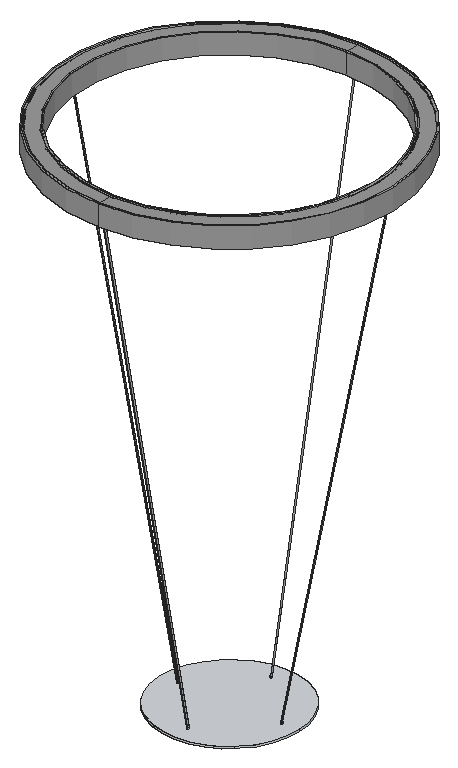
Revit family "VRD-ACPMK", category Lighting Fixtures, host Face, Revit 2022
Family settings
  Host = Face
  Round Connector Dimension = Use Diameter
  Part Type = Normal
  Cut with Voids When Loaded = Yes
  Light Source = Yes
  Maintain Annotation Orientation = No
  Shared = No
  Room Calculation Point = No
Parameters (values of type "VRD-40W-4000K-ACPMK")
  cable = R - 0' 0 1/32"  # 0' - 11 197/256"
  Wattage Comments = "40W"
  Wattage = 22.8892 W
  built-in parameter 1150110 = 1 (stored number, unit not read)
  URL = "https://www.abovealllighting.com/Product/LED-INDOOR-FIXTURE/Ring/VRDVickyRingDownwardLight-Surface.html"
  built-in parameter 1114217 = 1 (stored number, unit not read)
  Tilt Angle = 90.00°
  built-in parameter 1150109 = 1 (stored number, unit not read)
  built-in parameter 1150134 = 12
  Suspension = 3' - 0"
  built-in parameter 1150113 = 1 (stored number, unit not read)
  Power Factor = "0.9"
  Photometric Web File = "VRD-4024-40901 (1).IES"
  Note = "The actual cable count varies with the fixture size."  # constant formula
  Model = "VRD-4024-40901-ACPMK-WH"
  Manufacturer = "Above All Lighting"  # constant formula
  built-in parameter 1150105 = 270.56 (stored number, unit not read)
  Lumens = 3400 lm
  built-in parameter 1150115 = 1 (stored number, unit not read)
  Load Classification = Lighting
  built-in parameter 1150137 = (empty or 0)
  built-in parameter 1150139 = (empty or 0)
  built-in parameter 1150112 = 1 (stored number, unit not read)
  built-in parameter 1150114 = 1 (stored number, unit not read)
  Lamp = "LED"
  Input Voltage = "120-277V"
  built-in parameter 1150132 = 2
  built-in parameter 1150102 = (empty or 0)
  built-in parameter 1150107 = 4000 (stored number, unit not read)
  built-in parameter 1150138 = (empty or 0)
  built-in parameter 1150106 = 2.7056 (stored number, unit not read)
  built-in parameter 1150104 = 13.8 (stored number, unit not read)
  Dimming Lamp Color Temperature Shift = <None>
  Default Elevation = 0' - 0"
  R = 0' - 11 205/256"
  D1 = 0' - 10"
  Color Filter = 16777215
  CRI = "90"
  Beam Angle = 0.00°
  built-in parameter 1114218 = 1 (stored number, unit not read)
  built-in parameter 1150133 = 10 (stored number, unit not read)
Types (10): name | cable | Wattage Comments | Wattage | built-in parameter 1150134 | Photometric Web File | Model | built-in parameter 1150105 | Lumens | built-in parameter 1150107 | built-in parameter 1150106 | R | D1
  (no name) | 0' - 11 197/256" | "40W" | 22.8892 W | 12 | "VRD-4024-40901 (1).IES" | "VRD-4024-40901-ACPMK-WH" | 270.56 (stored number, unit not read) | 3400 lm | 4000 (stored number, unit not read) | 2.7056 (stored number, unit not read) | 0' - 11 205/256" | 0' - 10"
  VRD-40W-4000K-ACPMK | 0' - 11 197/256" | "40W" | 22.8892 W | 12 | "VRD-4024-40901 (1).IES" | "VRD-4024-40901-ACPMK-WH" | 270.56 (stored number, unit not read) | 3400 lm | 4000 (stored number, unit not read) | 2.7056 (stored number, unit not read) | 0' - 11 205/256" | 0' - 10"
  VRD-50W-3000K-ACPMK | 1' - 5 171/256" | "50W" | 28.6114 W | (empty or 0) | "VRD_5035_30901.ies" | "VRD-5035-30901-ACPMK-WH" | 338.2 (stored number, unit not read) | 4250 lm | 3000 (stored number, unit not read) | 3.382 (stored number, unit not read) | 1' - 5 179/256" | 0' - 10"
  VRD-80W-4000K-ACPMK | 1' - 11 73/128" | "80W" | 45.7783 W | 12 | "VRD-8047-40901 (1).IES" | "VRD-8047-40901-ACPMK-WH" | 541.13 (stored number, unit not read) | 6800 lm | 4000 (stored number, unit not read) | 5.4113 (stored number, unit not read) | 1' - 11 77/128" | 0' - 10"
  VRD-100W-3000K-ACPMK | 2' - 5 133/256" | "100W" | 57.2229 W | (empty or 0) | "VRD_10059_30901.ies" | "VRD-10059-30901-ACPMK-WH" | 676.41 (stored number, unit not read) | 8500 lm | 3000 (stored number, unit not read) | 6.7641 (stored number, unit not read) | 2' - 5 141/256" | 0' - 10"
  VRD-120W-3000K-ACPMK | 3' - 3 47/128" | "120W" | 68.6675 W | (empty or 0) | "generic" | "VRD-12079-30901-ACPMK-WH" | 811.69 (stored number, unit not read) | 10200 lm | 3000 (stored number, unit not read) | 8.1169 (stored number, unit not read) | 3' - 3 51/128" | 1' - 2"
  VRD-160W-3000K-ACPMK | 4' - 1 43/256" | "160W" | 91.5566 W | (empty or 0) | "generic" | "VRD-16098-30901-ACPMK-WH" | 1082.3 (stored number, unit not read) | 13600 lm | 3000 (stored number, unit not read) | 10.823 (stored number, unit not read) | 4' - 1 51/256" | 1' - 2"
  VRD-200W-3000K-ACPMK | 4' - 11 5/256" | "200W" | 114.446 W | (empty or 0) | "generic" | "VRD-200118-30901-ACPMK-WH" | 1352.8 (stored number, unit not read) | 17000 lm | 3000 (stored number, unit not read) | 13.528 (stored number, unit not read) | 4' - 11 13/256" | 1' - 6"
  VRD-300W-3000K-ACPMK | 6' - 6 31/32" | "300W" | 171.669 W | (empty or 0) | "generic" | "VRD-300158-30901-ACPMK-WH" | 2029.2 (stored number, unit not read) | 25500 lm | 3000 (stored number, unit not read) | 20.292 (stored number, unit not read) | 6' - 7" | 1' - 8"
  VRD-400W-3000K-ACPMK | 8' - 2 107/256" | "400W" | 228.892 W | (empty or 0) | "generic" | "VRD-400197-30901-ACPMK-WH" | 2705.6 (stored number, unit not read) | 34000 lm | 3000 (stored number, unit not read) | 27.056 (stored number, unit not read) | 8' - 2 115/256" | 1' - 8"
Reference planes (in)
  plane 1 "Center (Front/Back)": y = 0
  plane 2: z = 0
  plane 3 "Center (Left/Right)": x = 0
  plane 4: y = 11.80078
  plane 5: y = 10.50078
  plane 6: y = 11.72767
  plane 7: y = 10.57389
  plane 8: z = 36
  plane 9: z = 37.44962
  plane 10: z = 0.18634
Forms (in)
  Revolve 1, solid, material "Default"
    sketch origin (0, 0, 59) x (0, 1, 0) y (0, 0, 1)
      loop
        line (11.80078, -23) -> (11.80078, -21.5) -> (11.67554, -21.5) -> (11.62516, -21.55038) -> (11.72767, -21.55038) -> (11.72767, -21.59442) -> (11.60156, -21.59442) -> (11.60156, -21.62964) -> (11.68258, -21.62964) -> (11.68258, -22.21375) -> (10.61898, -22.21375) -> (10.61898, -21.62964) -> (10.7, -21.62964) -> (10.7, -21.59442) -> (10.57389, -21.59442) -> (10.57389, -21.55038) -> (10.6764, -21.55038) -> (10.62603, -21.5) -> (10.50078, -21.5) -> (10.50078, -23) -> (10.99675, -23) -> (10.99675, -22.93164) -> (10.61898, -22.93164) -> (10.61898, -22.47495) -> (11.68258, -22.47495) -> (11.68258, -22.93164) -> (11.30481, -22.93164) -> (11.30481, -23) -> (11.80078, -23)
      loop
        line (11.68258, -22.26424) -> (10.61898, -22.26424) -> (10.61898, -22.41087) -> (11.68258, -22.41087) -> (11.68258, -22.26424)
      axis (0, -23) -> (0, -21.5)
    angle from 0 to 360
  Revolve 2, solid, material "Glass, White, High Luminance"
    sketch origin (0, 0, 59) x (0, 1, 0) y (0, 0, 1)
      loop
        line (11.72767, -21.55038) -> (10.57389, -21.55038) -> (10.57389, -21.59442) -> (11.72767, -21.59442) -> (11.72767, -21.55038)
      axis (0, -21.59442) -> (0, -21.55038)
    angle from 0 to 360
  Extrusion 3, solid
    sketch origin (0, 0, 0) x (1, 0, 0) y (0, 1, 0)
      loop
        circle (0, 3.75) r 0.06118
      loop
        circle (0, -3.75) r 0.06118
      loop
        circle (3.75, 0) r 0.06118
      loop
        circle (-3.75, 0) r 0.06118
    from 0 to 0.18634
  Sweep 4, solid
    path origin (0, 0, 0) x (0, 1, 0) y (0, 0, 1)
      loop
        line (3.75, 0) -> (3.75, 0.18634) -> (11.3227, 36.06836) -> (11.76953, 36.06836)
    profile origin (0, 3.75, 0.09317) x (0, -1, 0) y (1, 0, 0)
      loop
        circle (0, 0) r 0.03141
  Sweep 5, solid
    path origin (0, 0, 0) x (0, 1, 0) y (0, 0, 1)
      loop
        line (-3.75, 0) -> (-3.75, 0.18634) -> (-11.30862, 36.06836) -> (-11.76953, 36.06836)
    profile origin (0, -3.75, 0.09317) x (0, -1, 0) y (1, 0, 0)
      loop
        circle (0, 0) r 0.03125
  Sweep 6, solid
    path origin (0, 0, 0) x (1, 0, 0) y (0, 0, 1)
      loop
        line (-3.75, 0) -> (-3.75, 0.18634) -> (-11.31021, 36.06836) -> (-11.76953, 36.06836)
    profile origin (-3.75, 0, 0.09317) x (-1, 0, 0) y (0, -1, 0)
      loop
        circle (0, 0) r 0.03125
  Sweep 7, solid
    path origin (0, 0, 0) x (1, 0, 0) y (0, 0, 1)
      loop
        line (3.75, 0) -> (3.75, 0.18634) -> (11.33047, 36.06836) -> (11.76953, 36.06836)
    profile origin (3.75, 0, 0.09317) x (-1, 0, 0) y (0, -1, 0)
      loop
        circle (0, 0) r 0.03224
  Extrusion 8, solid
    sketch origin (0, 0, 0) x (1, 0, 0) y (0, 1, 0)
      loop
        circle (0, 0) r 5
    from 0 to 0.125
Dimensions and locks (in)
  locked: plane 4 to plane 5 at 1.3
  "R": plane 4 to plane 1 "Center (Front/Back)"
  Revolve 1 to Revolve 2 sketch curve = 0' - 0.07311"
  locked: Revolve 2 sketch curve to Revolve 2 sketch curve at 1.15378
  "Suspension": level to plane 8
  locked: plane 9 to plane 8 at 1.44962
  "cable": Sweep 4 sketch curve to imposter light
  "cable": plane 1 "Center (Front/Back)" to Sweep 5 sketch curve
  "cable": plane 3 "Center (Left/Right)" to Sweep 6 sketch curve
  "cable": Sweep 7 sketch curve to plane 3 "Center (Left/Right)"
  "D1": diameter of Extrusion 8 sketch curve
  aligned and locked: plane 2 to host face
  aligned and locked: level to host face
  aligned and locked: Revolve 1 sketch curve to plane 4
  aligned and locked: Revolve 2 sketch curve to imposter light
  aligned and locked: Revolve 1 to plane 8  (x2)
  aligned and locked: Revolve 1 to Revolve 2  (x2)
  aligned and locked: Revolve 1 to Revolve 1
  aligned and locked: plane 9 to imposter light
  aligned and locked: plane 9 to Revolve 2
  aligned and locked: Revolve 1 to Sweep 4 sketch curve
  aligned and locked: Sweep 5 sketch curve to Revolve 1
  aligned and locked: Revolve 1 to Sweep 6 sketch curve
  aligned and locked: Sweep 7 sketch curve to Revolve 1
Automatic sketch dimensions
  host sketch curve to host sketch curve = 8' - 0"  (x2)
  Revolve 2 sketch curve to plane 8 = 0' - 1.40558"
  Revolve 2 sketch curve to Revolve 2 sketch curve = 0' - 0.04404"
  plane 8 to Revolve 2 sketch curve = 0' - 10 1/2"
  Revolve 2 sketch curve to plane 8 = 1' - 1 1/2"
  Sweep 4 sketch curve to plane 3 "Center (Left/Right)" = 0' - 0"
  Sweep 4 sketch curve to profile plane = 0' - 0"
  plane 1 "Center (Front/Back)" to Extrusion 3 sketch curve = 0' - 0"  (x2)
  Extrusion 3 sketch curve to plane 3 "Center (Left/Right)" = 0' - 0"  (x2)
  plane 3 "Center (Left/Right)" to Extrusion 3 sketch curve = 0' - 3 3/4"
  Extrusion 3 sketch curve to plane 1 "Center (Front/Back)" = 0' - 3 3/4"
  Extrusion 3 sketch curve to plane 3 "Center (Left/Right)" = 0' - 3 3/4"
  plane 1 "Center (Front/Back)" to Extrusion 3 sketch curve = 0' - 3 3/4"
  Sweep 5 sketch curve to plane 3 "Center (Left/Right)" = 0' - 0"
  Sweep 5 sketch curve to profile plane = 0' - 0"
  plane 1 "Center (Front/Back)" to Sweep 6 sketch curve = 0' - 0"
  Sweep 6 sketch curve to profile plane = 0' - 0"
  plane 1 "Center (Front/Back)" to Sweep 7 sketch curve = 0' - 0"
  Sweep 7 sketch curve to profile plane = 0' - 0"
  Revolve 1 sketch curve to plane 1 "Center (Front/Back)" = 0' - 0"
  Revolve 1 sketch curve to plane 5 = 0' - 0"
  plane 9 to Revolve 1 sketch curve = 0' - 0"  (x2)
  plane 8 to Revolve 1 sketch curve = 0' - 0"  (x2)
  plane 5 to Revolve 1 sketch curve = 0' - 0.07311"
  plane 5 to Revolve 1 sketch curve = 0' - 0.1182"  (x2)
  Revolve 1 sketch curve to Revolve 1 sketch curve = 0' - 0"  (x3)
  Revolve 1 sketch curve to Revolve 1 sketch curve = 0' - 0.05213"
  Revolve 1 sketch curve to Revolve 1 sketch curve = 0' - 0.05038"  (x2)
  Revolve 1 sketch curve to Revolve 1 sketch curve = 0' - 0.08102"
  Revolve 1 sketch curve to plane 8 = 0' - 0.06836"  (x2)
  Revolve 1 sketch curve to Revolve 1 sketch curve = 0' - 0.37777"
  Revolve 1 sketch curve to Revolve 1 sketch curve = 0' - 0.30807"
  Revolve 1 sketch curve to plane 9 = 0' - 0.07926"  (x2)
  Revolve 1 sketch curve to plane 4 = 0' - 0 51/256"
  Revolve 1 sketch curve to Revolve 1 sketch curve = 0' - 0.0236"
  plane 9 to Revolve 1 sketch curve = 0' - 0.05038"  (x2)
  Revolve 1 sketch curve to plane 4 = 0' - 0.1182"
  Revolve 1 sketch curve to Revolve 1 sketch curve = 0' - 0.04509"
  Revolve 1 sketch curve to Revolve 1 sketch curve = 0' - 0.45669"
  Revolve 1 sketch curve to Revolve 1 sketch curve = 0' - 0.06407"
  Revolve 1 sketch curve to Revolve 1 sketch curve = 0' - 0.14663"
  Revolve 1 sketch curve to Revolve 1 sketch curve = 0' - 0.05049"
  Revolve 1 sketch curve to Revolve 1 sketch curve = 0' - 0.04404"  (x2)
  plane 10 to Revolve 1 sketch curve = 0' - 11.81366"
  plane 9 to Revolve 1 sketch curve = 0' - 10.55038"
  Sweep 4 sketch curve to plane 10 = 0' - 0"
  Sweep 4 sketch curve to level = 0' - 0"
  Sweep 4 sketch curve to Sweep 4 sketch curve = 0' - 0.44683"
  Sweep 4 sketch curve to plane 1 "Center (Front/Back)" = 0' - 3 3/4"
  Sweep 5 sketch curve to plane 10 = 0' - 0"
  Sweep 5 sketch curve to level = 0' - 0"
  Sweep 5 sketch curve to Sweep 5 sketch curve = 0' - 0.46091"
  plane 1 "Center (Front/Back)" to Sweep 5 sketch curve = 0' - 3 3/4"
  Sweep 6 sketch curve to plane 10 = 0' - 0"
  Sweep 6 sketch curve to level = 0' - 0"
  Sweep 6 sketch curve to Sweep 6 sketch curve = 0' - 0.45932"
  Sweep 6 sketch curve to plane 3 "Center (Left/Right)" = 0' - 3 3/4"
  Sweep 7 sketch curve to plane 10 = 0' - 0"
  Sweep 7 sketch curve to level = 0' - 0"
  Sweep 7 sketch curve to Sweep 7 sketch curve = 0' - 0.43906"
  plane 3 "Center (Left/Right)" to Sweep 7 sketch curve = 0' - 3 3/4"
  plane 1 "Center (Front/Back)" to Extrusion 8 sketch curve = 0' - 0"
  Extrusion 8 sketch curve to plane 3 "Center (Left/Right)" = 0' - 0"
  radius of Sweep 4 sketch curve = 0' - 0.03141"
  radius of Extrusion 3 sketch curve = 0' - 0.06118"  (x4)
  radius of Sweep 5 sketch curve = 0' - 0 1/32"
  radius of Sweep 6 sketch curve = 0' - 0 1/32"
  radius of Sweep 7 sketch curve = 0' - 0.03224"
